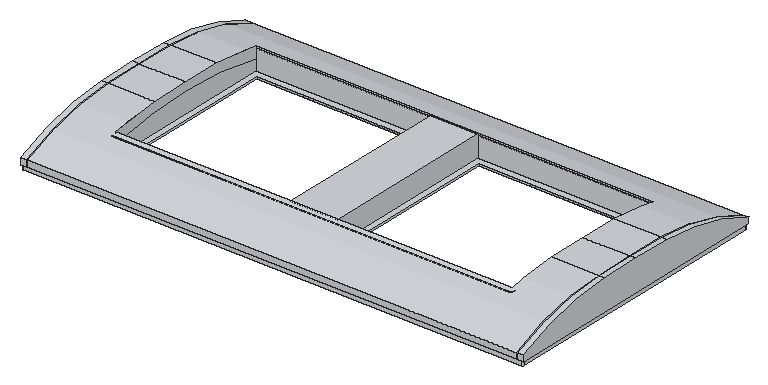
Revit family "Gira_021224", category Electrical Fixtures, host Face, Revit 2017
Family settings
  Host = Face
  Maintain Annotation Orientation = No
  Round Connector Dimension = Use Diameter
  Part Type = Normal
  Cut with Voids When Loaded = No
  Shared = No
  Room Calculation Point = No
Parameters (values of type "Abdeckrahmen 2f Zwischenr. AN Gira Event Opak Weiß")
  Werkstoffgüte = "Thermoplast"
  Werkstoff = "Kunststoff"
  URL = "http://katalog.gira.de/de_DE/datenblatt.html?artikelnr=021224"
  Transparent = "No"
  Textfeld/Beschriftungsfläche = "No"
  Schutzart (IP) = "IP20"
  Region = "DE"
  Oberfläche = "sonstige"
  Name = "Abdeckrahmen 2f Zwischenr. AN Gira Event Opak Weiß"
  Montagerichtung = "horizontal und vertikal"
  Mit Montagerahmen = "No"
  Mit Klappdeckel = "No"
  Manufacturer URL = "https://www.gira.de/"
  Keynote = "Event_Rahmen_2fach"
  HeinzeBIM = "https://bimportal.heinze.de/bim/abdeckrahmen-2f-zwischenr-an-gira-event-opak-weiss/427adbf148d74cdda7cfa282a0370457a4938cc1"
  Halogenfrei = "Yes"
  HAN = "021224"
  Geeignet für Unterputz-Installation = "Yes"
  Geeignet für Unterflurkanaldose = "No"
  Geeignet für Geräteeinbaukanal = "No"
  Geeignet für Einbauinstallation = "No"
  GTIN = "4010337212249"
  Farbe = "weiß"
  Default Elevation = 1219.2 mm
  Data sheet (1) = "https://katalog.gira.de/de_DE/download.html?artikelnr=021224"
  Category = "Abdeckrahmen"
  Befestigungsart = "Klemmbefestigung"
  Available = "Yes"
  Anzahl der Einheiten vertikal = "2 "
  Anzahl der Einheiten horizontal = "2 "
  Anzahl der Einheiten = "2 "
Reference planes
  plane 1 "Center (Front/Back)": y = 0
  plane 2: z = 0
  plane 3 "Center (Left/Right)": x = 0
Forms (mm)
  Extrusion 1, solid, detail levels fine
    sketch origin (0, 0, 0.05) x (0, 1, 0) y (0, 0, 1)
      loop
        arc (12.445, 9.683) -> (6.223, 9.833) -> (0, 9.85) r 291.636
        arc (0, 9.85) -> (-6.223, 9.833) -> (-12.445, 9.683) r 291.636
        arc (-12.445, 9.683) -> (-29.14, 7.482) -> (-45, 1.823) r 79.728
        line (-45, 1.823) -> (-45, -0.05) -> (-42.086, -0.05)
        arc (-42.086, -0.05) -> (-21.385, 5.559) -> (0, 7.206) r 114.424
        arc (0, 7.206) -> (21.385, 5.559) -> (42.086, -0.05) r 114.424
        line (42.086, -0.05) -> (45, -0.05) -> (45, 1.823)
        arc (45, 1.823) -> (29.14, 7.482) -> (12.445, 9.683) r 79.728
    from -78.55 to 78.55
  Extrusion 2, void, detail levels fine
    sketch origin (0, 0, 0) x (1, 0, 0) y (0, 1, 0)
      loop
        line (-63.55, -27.937) -> (63.55, -27.937) -> (63.55, 28.063) -> (-63.55, 28.063) -> (-63.55, -27.937)
    from 0.724 to 11
  Extrusion 3, solid, detail levels coarse
    sketch origin (0, 0, 0) x (1, 0, 0) y (0, 1, 0)
      loop
        line (-80.55, 45) -> (-80.55, -45) -> (80.55, -45) -> (80.55, 45) -> (-80.55, 45)
    from -1.5 to 9.9
  Extrusion 4, solid, detail levels medium
    sketch origin (0, 0, 0.05) x (0, 1, 0) y (0, 0, 1)
      loop
        arc (12.445, 9.683) -> (6.223, 9.833) -> (0, 9.85) r 291.636
        arc (0, 9.85) -> (-6.223, 9.833) -> (-12.445, 9.683) r 291.636
        arc (-12.445, 9.683) -> (-29.14, 7.482) -> (-45, 1.823) r 79.728
        line (-45, 1.823) -> (-45, -0.05) -> (45, -0.05) -> (45, 1.823)
        arc (45, 1.823) -> (29.14, 7.482) -> (12.445, 9.683) r 79.728
    from -80.55 to 80.55
  Extrusion 5, solid, detail levels fine
    sketch origin (-35.55, 0, -1.5) x (0, 1, 0) y (0, 0, -1)
      loop
        line (45, -3.373) -> (45, -1.5) -> (-45, -1.5) -> (-45, -3.373)
        arc (-45, -3.373) -> (-29.14, -9.032) -> (-12.445, -11.233) r 79.728
        arc (-12.445, -11.233) -> (-6.223, -11.383) -> (0, -11.4) r 291.636
        arc (0, -11.4) -> (6.223, -11.383) -> (12.445, -11.233) r 291.636
        arc (12.445, -11.233) -> (29.14, -9.032) -> (45, -3.373) r 79.728
    from 43 to 45
  Extrusion 6, solid, detail levels fine
    sketch origin (0, 0, 0) x (1, 0, 0) y (0, 1, 0)
      loop
        line (-61.45, 25.7) -> (-61.45, -25.7) -> (-9.65, -25.7) -> (-9.65, 25.7) -> (-61.45, 25.7)
      loop
        line (61.45, -25.7) -> (61.45, 25.7) -> (9.65, 25.7) -> (9.65, -25.7) -> (61.45, -25.7)
      loop
        line (-64.445, 28.49) -> (-64.445, -28.495)
        spline (-64.445, -28.495) -> (-64.436, -28.625) -> (-64.411, -28.754) -> (-64.369, -28.878) -> (-64.311, -28.995) -> (-64.238, -29.104) -> (-64.152, -29.202) -> (-64.054, -29.288) -> (-63.945, -29.361) -> (-63.828, -29.419) -> (-63.704, -29.461) -> (-63.575, -29.486) -> (-63.445, -29.495)
        line (-63.445, -29.495) -> (63.445, -29.495)
        spline (63.445, -29.495) -> (63.575, -29.486) -> (63.704, -29.461) -> (63.828, -29.419) -> (63.945, -29.361) -> (64.054, -29.288) -> (64.152, -29.202) -> (64.238, -29.104) -> (64.311, -28.995) -> (64.369, -28.878) -> (64.411, -28.754) -> (64.436, -28.625) -> (64.445, -28.495)
        line (64.445, -28.495) -> (64.445, 28.49)
        spline (64.445, 28.49) -> (64.436, 28.62) -> (64.411, 28.748) -> (64.369, 28.872) -> (64.311, 28.99) -> (64.238, 29.098) -> (64.152, 29.197) -> (64.054, 29.283) -> (63.945, 29.356) -> (63.828, 29.413) -> (63.704, 29.456) -> (63.575, 29.481) -> (63.445, 29.49)
        line (63.445, 29.49) -> (-63.445, 29.49)
        spline (-63.445, 29.49) -> (-63.575, 29.481) -> (-63.704, 29.456) -> (-63.828, 29.413) -> (-63.945, 29.356) -> (-64.054, 29.283) -> (-64.152, 29.197) -> (-64.238, 29.098) -> (-64.311, 28.99) -> (-64.369, 28.872) -> (-64.411, 28.748) -> (-64.436, 28.62) -> (-64.445, 28.49)
    from 0.1 to 7.3
  Extrusion 7, solid
    sketch origin (0, 0, 0) x (1, 0, 0) y (0, 1, 0)
      loop
        arc (-80.25, -44.2) -> (-80.104, -44.554) -> (-79.75, -44.7) r 0.5
        line (-79.75, -44.7) -> (79.75, -44.7)
        arc (79.75, -44.7) -> (80.104, -44.554) -> (80.25, -44.2) r 0.5
        line (80.25, -44.2) -> (80.25, 44.2)
        arc (80.25, 44.2) -> (80.104, 44.554) -> (79.75, 44.7) r 0.5
        line (79.75, 44.7) -> (-79.75, 44.7)
        arc (-79.75, 44.7) -> (-80.104, 44.554) -> (-80.25, 44.2) r 0.5
        line (-80.25, 44.2) -> (-80.25, -44.2)
      loop
        line (-78.55, 43) -> (-78.55, -43) -> (78.55, -43) -> (78.55, 43) -> (-78.55, 43)
    from -1.5 to 0.5
  Extrusion 8, solid, detail levels fine
    sketch origin (35.55, 0, -1.5) x (0, 1, 0) y (0, 0, 1)
      loop
        arc (45, 3.373) -> (29.14, 9.032) -> (12.445, 11.233) r 79.728
        arc (12.445, 11.233) -> (6.223, 11.383) -> (0, 11.4) r 291.636
        arc (0, 11.4) -> (-6.223, 11.383) -> (-12.445, 11.233) r 291.636
        arc (-12.445, 11.233) -> (-29.14, 9.032) -> (-45, 3.373) r 79.728
        line (-45, 3.373) -> (-45, 1.5) -> (45, 1.5) -> (45, 3.373)
    from 43 to 45
  Extrusion 9, solid, detail levels medium
    sketch origin (0, 0, 0) x (1, 0, 0) y (0, 1, 0)
      loop
        line (-80.25, -44.7) -> (80.25, -44.7) -> (80.25, 44.7) -> (-80.25, 44.7) -> (-80.25, -44.7)
    from -1.5 to 0.5
  Extrusion 10, solid, detail levels fine
    sketch origin (0, 0, 0) x (1, 0, 0) y (0, 1, 0)
      loop
        line (-7.55, 28.063) -> (-7.55, -27.937) -> (7.55, -27.937) -> (7.55, 28.063) -> (-7.55, 28.063)
    from 0.724 to 7.566
Cuts and joins
  Extrusion 2 cuts Extrusion 1
  Extrusion 2 cuts Extrusion 6
Dimensions and locks
  aligned and locked: plane 2 to host face
  aligned and locked: level to host face
